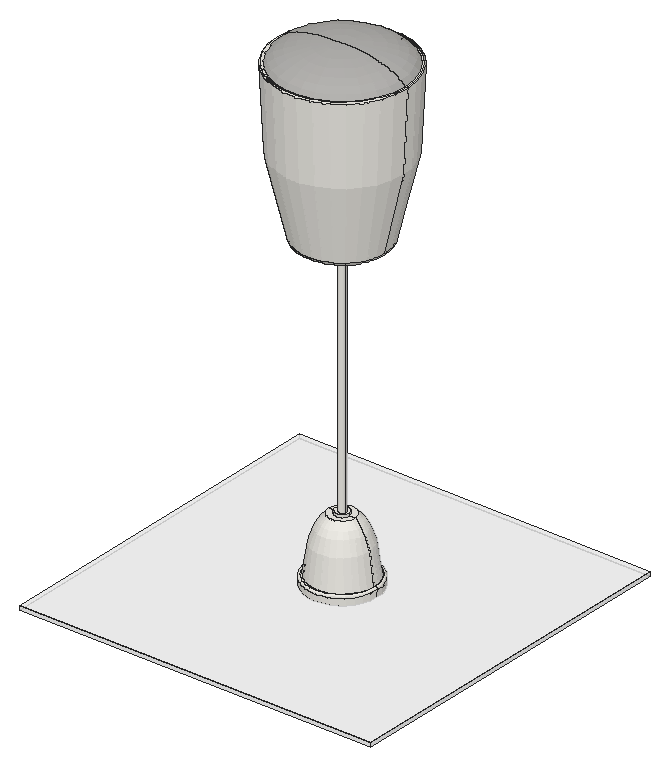
Revit family "PE-154EN", category Communication Devices, host Face, Revit 2016
Family settings
  Host = Face
  Maintain Annotation Orientation = No
  Part Type = Normal
  Round Connector Dimension = Use Diameter
  OmniClass Number = 23.85.10.11.14
  OmniClass Title = Audio Equipment
  Cut with Voids When Loaded = Yes
  Shared = No
  Room Calculation Point = No
Parameters (values of type "PE-154EN")
  Weight = "2.1 kg (4.63 lb) (speaker only)"
  URL = "http://toa.com.sg"
  Speaker Mounting Method = "Ceiling Suspension"
  Speaker Component = "Low frequency: 12 cm (5\") cone-type\r\nHigh frequency: 2.5 cm (1\") balanced dome tweeter"
  Speaker Cable = "2-core cable 5m (16.40 ft)"
  Maximum Sound Pressure Level = "99 dB (15 W, 1 m) (100 – 10,000 Hz, pink noise) 87 dB (15 W, 4 m) (100 – 10,000 Hz, pink noise)"
  Sensitivity = "91 dB (1 W, 1 m) (500 – 5,000 Hz, pink noise)\r\n87 dB (1 W, 1 m) (100 – 10,000 Hz, pink noise)\r\n75 dB (1 W, 4 m) (100 – 10,000 Hz, pink noise)"
  Rated Noise Power = "15 W (100 V line), 7.5 W (70 V line)"
  Model Type = "PENDANT SPEAKER"
  Rated Impedance = "100 V line: 670 Ω (15 W), 1k Ω (10 W), 2k Ω (5 W),\r\n70 V line: 670 Ω (7.5 W), 1k Ω (5 W), 2k Ω (2.5 W)"
  Operating Temperature Range = "–10°C to +50°C (14°F to 122°F)"
  Model By = "BIMLIFE PTE LTD"  # constant formula
  Model = "PE-154EN"
  Manufacturer = "TOA Electronics Pte Ltd"  # constant formula
  Supplier Tel = "+65 6835 9119"  # constant formula
  Supplier Fax = "+65 6835 9559"  # constant formula
  Supplier Address = "491B River Valley Road, #19-03/04 Valley Point Office Tower, Singapore 248373"  # constant formula
  Supplier = "TOA Electronics Pte Ltd"  # constant formula
  Suppiler Email = "http://toa.com.sg"  # constant formula
  Frequency Response = "70 – 20,000 Hz"
  Finish = "Enclosure: HIPS resin, off-white (RAL 9010 or\r\nequivalent colour)\r\nGrille: Surface-treated steel plate net, off-white\r\n(RAL 9010 or equivalent colour), paint"
  Environmental Type = "A (indoor applications)"
  Coverage Angle = "Horizontal and Vertical: 360° (500 Hz),\r\n170° (1,000 Hz), 90° (2,000 Hz), 70° (4,000 Hz)"
  Dimension = "ø 186 × 251(H) mm (ø 7.32\" × 9.88\") (speaker only)"
  Default Elevation = 0 mm
  Copyright To = "TOA Electronics Pte Ltd"  # constant formula
  Cable Extension [instance] = 350 mm
  Cable Connection = "Screw terminal (steatite), can be bridge-connected"
  Applicable Cable size = "Outer diameter: Ø6.5-12.5mm\r\nConductor: Solid wire or 7-core wire\r\nNo bridge connection:\r\n0.8 – 10 mm2 (AWG 18 – AWG 7) for solid wire\r\n0.8 – 8 mm2 (AWG 18 – AWG 8) for 7-core wire\r\nBridge connection:\r\n0.8 – 2.5 mm2 (AWG 18 – AWG 13) for solid wire\r\n0.8 – 1.5 mm2 (AWG 18 – AWG 15) for 7-core wire"
  Accessory = "Ceiling bracket × 1, Mounting hanger × 1,\r\nCeiling cover × 1, Ceiling bracket mounting screw\r\n(tapping screw 4 × 16) × 4"
Reference planes
  plane 1 "Center (Front/Back)": y = 0
  plane 2: z = 0
  plane 3 "Center (Left/Right)": x = 0
  plane 4: z = 90
  plane 5: z = 440
  plane 6: z = 691
  plane 7: x = -93
  plane 8: x = 93
  plane 9: x = -50
  plane 10: x = 50
Forms (mm)
  Extrusion 1, solid, material "Surface"
    sketch origin (1.238, -13.929, 0) x (1, 0, 0) y (0, 1, 0)
      loop
        line (-250, 250) -> (-250, -250) -> (250, -250) -> (250, 250) -> (-250, 250)
    from 0 to -6.497
  Blend 2, solid, material "Black", not visible
    base sketch origin (357.398, 248.48, -21.96) x (-1, 0, 0) y (0, 0, -1)
      loop
        line (36.165, 143.517) -> (36.165, 10.914) -> (253.807, 10.914) -> (253.807, 143.517) -> (36.165, 143.517)
    top sketch origin (357.398, 248.48, -21.96) x (1, 0, 0) y (0, 0, -1)
      loop
        line (-41.165, 15.914) -> (-41.165, 138.517) -> (-248.807, 138.517) -> (-248.807, 15.914) -> (-41.165, 15.914)
    from 0 to -14
  Extrusion 3, solid, material "Black", not visible
    sketch origin (1.238, -13.929, -21.96) x (1, 0, 0) y (0, 1, 0)
      loop
        arc (356.161, 348.809) -> (433.661, 337.223) -> (511.161, 348.809) r 265
        line (511.161, 348.809) -> (356.161, 348.809)
    from 23.215 to 266.785
  Extrusion 4, solid, material "Black Mesh", not visible
    sketch origin (0, -8.553, -21.96) x (1, 0, 0) y (0, 1, 0)
      loop
        arc (343.097, 308.089) -> (434.898, 293.848) -> (526.7, 308.089) r 303
        arc (526.7, 308.089) -> (527.709, 308.815) -> (528.094, 309.995) r 2
        line (528.094, 309.995) -> (528.094, 311.691)
        arc (528.094, 311.691) -> (434.898, 296.848) -> (341.702, 311.691) r 300
        line (341.702, 311.691) -> (341.702, 309.995)
        arc (341.702, 309.995) -> (342.088, 308.815) -> (343.097, 308.089) r 2
    from 5 to 285
  Revolve 5, solid, material "OFF-WHITE"
    sketch origin (0, 0, 0) x (1, 0, 0) y (0, 0, 1)
      loop
        line (0, 90) -> (-18.75, 90)
        spline (-18.75, 90) -> (-23.079, 85.484) -> (-26.381, 81.616) -> (-28.93, 78.109) -> (-31.002, 74.678) -> (-32.868, 71.035) -> (-34.681, 66.87) -> (-36.455, 61.847) -> (-38.198, 55.627) -> (-39.917, 47.871) -> (-41.619, 38.24) -> (-43.311, 26.396) -> (-45, 12)
        line (-45, 12) -> (-47, 12)
        arc (-47, 12) -> (-49.121, 11.121) -> (-50, 9) r 3
        line (-50, 9) -> (-50, 0) -> (0, 0) -> (0, 12) -> (-42.941, 12)
        spline (-42.941, 12) -> (-41.283, 26.142) -> (-39.624, 37.78) -> (-37.96, 47.238) -> (-36.285, 54.844) -> (-34.595, 60.923) -> (-32.885, 65.808) -> (-31.144, 69.848) -> (-29.352, 73.374) -> (-27.395, 76.656) -> (-25.003, 79.989) -> (-21.889, 83.676) -> (-17.778, 88)
        line (-17.778, 88) -> (0, 88) -> (0, 90)
      axis (0, 0) -> (0, 90)
    angle from 0 to 360
  Extrusion 6, solid, material "OFF-WHITE"
    sketch origin (0, 0, 0) x (1, 0, 0) y (0, 1, 0)
      loop
        circle (0, 0) r 10
    from 90 to 93
  Extrusion 7, solid, material "OFF-WHITE"
    sketch origin (0, 0, 0) x (1, 0, 0) y (0, 1, 0)
      loop
        circle (0, 0) r 5
    from 90 to 440
  Revolve 8, solid, material "OFF-WHITE"
    sketch origin (0, 0, 0) x (1, 0, 0) y (0, 0, 1)
      loop
        line (0, 440) -> (56.432, 440)
        arc (56.432, 440) -> (59.342, 440.934) -> (61.165, 443.388) r 5
        arc (61.165, 443.388) -> (87.374, 552.496) -> (93.062, 664.563) r 607.315
        arc (93.062, 664.563) -> (92.601, 665.583) -> (91.563, 666) r 1.5
        line (91.563, 666) -> (82.99, 666)
        arc (82.99, 666) -> (83.056, 664.5) -> (83.117, 663) r 597.315
        line (83.117, 663) -> (90.123, 663)
        arc (90.123, 663) -> (84.198, 551.503) -> (57.862, 443) r 604.315
        line (57.862, 443) -> (0, 443) -> (0, 440)
      axis (0, 440) -> (0, 666)
    angle from 0 to 360
  Revolve 9, solid, material "White Mesh"
    sketch origin (0, 0, 0) x (1, 0, 0) y (0, 0, 1)
      loop
        line (0, 691) -> (0, 689)
        spline (0, 689) -> (10.054, 688.809) -> (19.961, 688.239) -> (29.575, 687.298) -> (38.754, 686.001) -> (47.364, 684.366) -> (55.278, 682.416) -> (62.381, 680.182) -> (68.567, 677.696) -> (73.746, 674.993) -> (77.843, 672.115) -> (80.796, 669.102) -> (82.562, 666)
        line (82.562, 666) -> (88.741, 666)
        spline (88.741, 666) -> (86.385, 669.417) -> (82.848, 672.72) -> (78.18, 675.862) -> (72.444, 678.801) -> (65.718, 681.497) -> (58.095, 683.913) -> (49.678, 686.016) -> (40.582, 687.777) -> (30.932, 689.173) -> (20.859, 690.183) -> (10.501, 690.795) -> (0, 691)
      axis (0, 666) -> (0, 691)
    angle from 0 to 360
  Revolve 10, solid, material "OFF-WHITE", not visible
    sketch origin (0, 0, 0) x (1, 0, 0) y (0, 0, 1)
      loop
        line (0, 116) -> (-20, 116)
        spline (-20, 116) -> (-25.772, 109.979) -> (-30.175, 104.821) -> (-33.574, 100.146) -> (-36.336, 95.57) -> (-38.824, 90.713) -> (-41.241, 85.16) -> (-43.607, 78.463) -> (-45.931, 70.169) -> (-48.223, 59.827) -> (-50.492, 46.986) -> (-52.748, 31.194) -> (-55, 12)
        line (-55, 12) -> (-57, 12)
        arc (-57, 12) -> (-59.121, 11.121) -> (-60, 9) r 3
        line (-60, 9) -> (-60, 0) -> (0, 0) -> (0, 12) -> (-52.941, 12)
        spline (-52.941, 12) -> (-50.715, 30.98) -> (-48.489, 46.599) -> (-46.256, 59.294) -> (-44.007, 69.501) -> (-41.739, 77.66) -> (-39.444, 84.216) -> (-37.108, 89.638) -> (-34.703, 94.371) -> (-32.077, 98.775) -> (-28.866, 103.248) -> (-24.687, 108.197) -> (-19.17, 114)
        line (-19.17, 114) -> (0, 114) -> (0, 116)
      axis (0, 0) -> (0, 116)
    angle from 0 to 360
  Extrusion 11, solid, material "OFF-WHITE", not visible
    sketch origin (0, 0, 0) x (1, 0, 0) y (0, 1, 0)
      loop
        circle (0, 0) r 10
    from 116 to 119
  Extrusion 12, solid, material "OFF-WHITE", not visible
    sketch origin (0, 0, 0) x (1, 0, 0) y (0, 1, 0)
      loop
        circle (0, 0) r 5
    from 116 to 216
  Revolve 13, solid, material "OFF-WHITE", not visible
    sketch origin (0, 0, 0) x (1, 0, 0) y (0, 0, 1)
      loop
        line (0, 216) -> (56.432, 216)
        arc (56.432, 216) -> (59.342, 216.934) -> (61.165, 219.388) r 5
        arc (61.165, 219.388) -> (87.374, 328.496) -> (93.062, 440.563) r 607.315
        arc (93.062, 440.563) -> (92.601, 441.583) -> (91.563, 442) r 1.5
        line (91.563, 442) -> (82.99, 442)
        arc (82.99, 442) -> (83.056, 440.5) -> (83.117, 439) r 597.315
        line (83.117, 439) -> (90.123, 439)
        arc (90.123, 439) -> (84.198, 327.503) -> (57.862, 219) r 604.315
        line (57.862, 219) -> (0, 219) -> (0, 216)
      axis (0, 216) -> (0, 442)
    angle from 0 to 360
  Revolve 14, solid, material "White Mesh", not visible
    sketch origin (0, 0, 0) x (1, 0, 0) y (0, 0, 1)
      loop
        line (0, 467) -> (0, 465)
        spline (0, 465) -> (10.054, 464.809) -> (19.961, 464.239) -> (29.575, 463.298) -> (38.754, 462.001) -> (47.364, 460.366) -> (55.278, 458.416) -> (62.381, 456.182) -> (68.567, 453.696) -> (73.746, 450.993) -> (77.843, 448.115) -> (80.796, 445.102) -> (82.562, 442)
        line (82.562, 442) -> (88.741, 442)
        spline (88.741, 442) -> (86.385, 445.417) -> (82.848, 448.72) -> (78.18, 451.862) -> (72.444, 454.801) -> (65.718, 457.497) -> (58.095, 459.913) -> (49.678, 462.016) -> (40.582, 463.777) -> (30.932, 465.173) -> (20.859, 466.183) -> (10.501, 466.795) -> (0, 467)
      axis (0, 442) -> (0, 467)
    angle from 0 to 360
Dimensions and locks
  locked: plane 4 to level at 90
  locked: Extrusion 6 to Extrusion 6 at 3
  "Cable Extension": plane 5 to plane 4
  locked: plane 6 to plane 5 at 251
  plane 8 to plane 3 "Center (Left/Right)" to plane 7 = 93 mm, 93 mm
  aligned and locked: plane 2 to Extrusion 1
  aligned and locked: level to Extrusion 1
  aligned and locked: Extrusion 6 to plane 4
  aligned and locked: Extrusion 7 to plane 4
  aligned and locked: plane 5 to Extrusion 7
Automatic sketch dimensions
  Extrusion 1 sketch curve to Extrusion 1 sketch curve = 500 mm  (x2)
  Revolve 8 sketch curve to Revolve 8 sketch curve = 0 mm  (x12)
  Revolve 8 sketch curve to Revolve 8 sketch curve = 0.127 mm
  Revolve 8 sketch curve to Revolve 8 sketch curve = 2 mm
  Revolve 8 sketch curve to Revolve 8 sketch curve = 1.5 mm
  Revolve 8 sketch curve to Revolve 8 sketch curve = 3 mm
  Revolve 9 sketch curve to Revolve 9 sketch curve = 3 mm
  Revolve 9 sketch curve to Revolve 9 sketch curve = 2 mm  (x2)
  Revolve 9 sketch curve to Revolve 9 sketch curve = 26 mm
  Revolve 8 sketch curve to Revolve 8 sketch curve = 513.722 mm
  Revolve 8 sketch curve to Revolve 8 sketch curve = 56.432 mm
  Revolve 8 sketch curve to Revolve 8 sketch curve = 1.43 mm
  Revolve 8 sketch curve to Revolve 8 sketch curve = 26.558 mm
  Revolve 8 sketch curve to Revolve 8 sketch curve = 7.006 mm
  Revolve 8 sketch curve to Revolve 8 sketch curve = 1.44 mm
  Revolve 8 sketch curve to Revolve 8 sketch curve = 196.183 mm
  Revolve 8 sketch curve to Revolve 8 sketch curve = 83.117 mm
  Revolve 8 sketch curve to Revolve 8 sketch curve = 8 mm
  Revolve 9 sketch curve to Revolve 9 sketch curve = 82.562 mm
  Revolve 9 sketch curve to Revolve 9 sketch curve = 6.179 mm
  Revolve 9 sketch curve to Revolve 9 sketch curve = 23 mm
  Revolve 9 sketch curve to Revolve 9 sketch curve = 0 mm  (x2)
  Revolve 10 sketch curve to Revolve 10 sketch curve = 19.17 mm
  Revolve 10 sketch curve to Revolve 10 sketch curve = 0.83 mm
  Revolve 10 sketch curve to Revolve 10 sketch curve = 52.941 mm
  Revolve 10 sketch curve to Revolve 10 sketch curve = 2.059 mm
  Revolve 10 sketch curve to Revolve 10 sketch curve = 2 mm  (x2)
  Revolve 10 sketch curve to Revolve 10 sketch curve = 3 mm
  Revolve 10 sketch curve to Revolve 10 sketch curve = 0 mm  (x2)
  Revolve 10 sketch curve to Revolve 10 sketch curve = 71 mm
  Revolve 13 sketch curve to Revolve 13 sketch curve = 0 mm  (x12)
  Revolve 13 sketch curve to Revolve 13 sketch curve = 0.127 mm
  Revolve 13 sketch curve to Revolve 13 sketch curve = 2 mm
  Revolve 13 sketch curve to Revolve 13 sketch curve = 1.5 mm
  Revolve 13 sketch curve to Revolve 13 sketch curve = 3 mm
  Revolve 14 sketch curve to Revolve 14 sketch curve = 3 mm
  Revolve 14 sketch curve to Revolve 14 sketch curve = 2 mm  (x2)
  Revolve 14 sketch curve to Revolve 14 sketch curve = 26 mm
  Revolve 10 sketch curve to Revolve 10 sketch curve = 20 mm
  Revolve 10 sketch curve to Revolve 10 sketch curve = 9 mm
  Revolve 10 sketch curve to Revolve 10 sketch curve = 12 mm
  Revolve 10 sketch curve to Revolve 10 sketch curve = 102 mm
  Revolve 13 sketch curve to Revolve 13 sketch curve = 513.722 mm
  Revolve 13 sketch curve to Revolve 13 sketch curve = 56.432 mm
  Revolve 13 sketch curve to Revolve 13 sketch curve = 1.43 mm
  Revolve 13 sketch curve to Revolve 13 sketch curve = 26.558 mm
  Revolve 13 sketch curve to Revolve 13 sketch curve = 7.006 mm
  Revolve 13 sketch curve to Revolve 13 sketch curve = 1.44 mm
  Revolve 13 sketch curve to Revolve 13 sketch curve = 196.183 mm
  Revolve 13 sketch curve to Revolve 13 sketch curve = 83.117 mm
  Revolve 13 sketch curve to Revolve 13 sketch curve = 8 mm
  Revolve 14 sketch curve to Revolve 14 sketch curve = 82.562 mm
  Revolve 14 sketch curve to Revolve 14 sketch curve = 6.179 mm
  Revolve 14 sketch curve to Revolve 14 sketch curve = 23 mm
  Revolve 14 sketch curve to Revolve 14 sketch curve = 0 mm  (x2)
  plane 1 "Center (Front/Back)" to Extrusion 6 sketch curve = 0 mm
  Extrusion 6 sketch curve to plane 3 "Center (Left/Right)" = 0 mm
  plane 1 "Center (Front/Back)" to Extrusion 7 sketch curve = 0 mm
  Extrusion 7 sketch curve to plane 3 "Center (Left/Right)" = 0 mm
  Revolve 8 sketch curve to plane 3 "Center (Left/Right)" = 0 mm
  Revolve 8 sketch curve to plane 5 = 0 mm
  Revolve 9 sketch curve to plane 3 "Center (Left/Right)" = 0 mm
  Revolve 9 sketch curve to plane 6 = 0 mm
  plane 9 to Revolve 5 sketch curve = 0 mm
  Revolve 5 sketch curve to plane 4 = 0 mm
  Revolve 5 sketch curve to plane 3 "Center (Left/Right)" = 0 mm  (x3)
  Revolve 5 sketch curve to level = 0 mm  (x2)
  Revolve 5 sketch curve to plane 9 = 3 mm
  Revolve 5 sketch curve to Revolve 5 sketch curve = 2 mm
  Revolve 5 sketch curve to Revolve 5 sketch curve = 2.059 mm
  Revolve 5 sketch curve to Revolve 5 sketch curve = 18.75 mm
  Revolve 5 sketch curve to plane 4 = 2 mm
  Revolve 5 sketch curve to Revolve 5 sketch curve = 0.972 mm
  level to Revolve 5 sketch curve = 9 mm
  Revolve 5 sketch curve to Revolve 5 sketch curve = 0 mm
  Revolve 5 sketch curve to plane 5 = 41 mm
  radius of Extrusion 6 sketch curve = 10 mm
  radius of Extrusion 7 sketch curve = 5 mm
  radius of Extrusion 11 sketch curve = 10 mm
  radius of Extrusion 12 sketch curve = 5 mm
